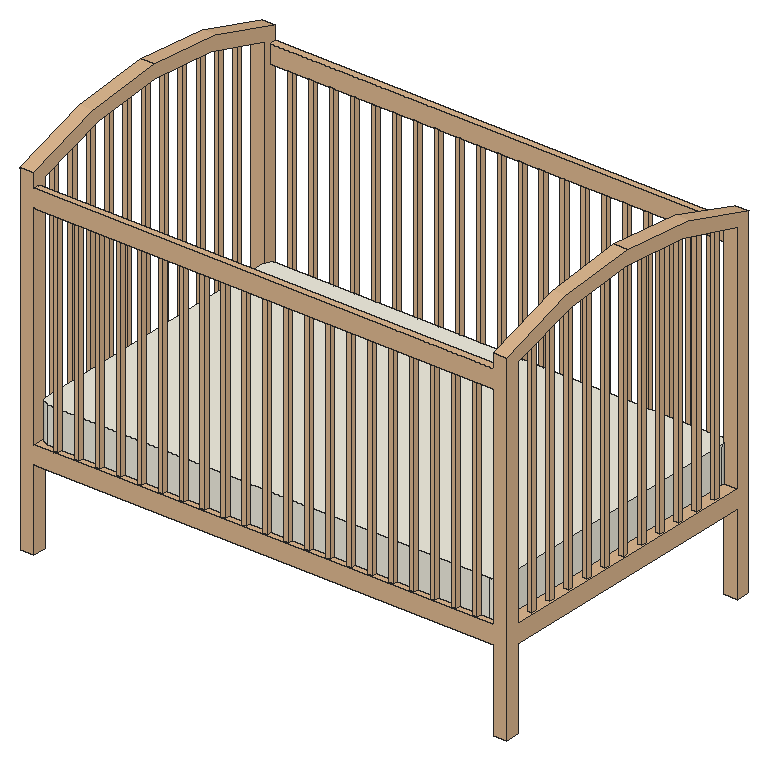
Revit family
Parameters
  Width = 54"
  Subcategory = "Bed"
  Spacing = 2"
  SmartBIM Object Version = 3  # constant formula
  SmartBIM Object Created By = "Reed Construction Data"  # constant formula
  Offset from Ground = 10"
  Mattress = Textile, White
  Manufacturer = ""
  Assembly Code = "E1020100"
  Array(Bars) = (Width - 12") / Spacing  # 21
  Height = 41 1/2"
  Depth = 33 1/2"
  Default Elevation = 0"
  Crib = Wood, Cherry
  Bar Height = Height - (7" + Offset from Ground + 1")  # 23 1/2"
  95 CSI = "12510"
  04 CSI = "12 58 29"
Reference planes (in)
  plane 1 "Center (Front/Back)": y = 0
  plane 2: z = 0
  plane 3 "Center (Left/Right)": x = 0
  plane 4: x = -27
  plane 5: y = 16.75
  plane 6: x = 27
  plane 7: y = -16.75
  plane 8: z = 41.5
  plane 9: x = -25.5
  plane 10: x = 25.5
  plane 11: y = 15.25
  plane 12: y = -15.25
  plane 13: z = 10
  plane 14: z = 34.5
  plane 15: z = 36.5
  plane 16: y = 16.5
  plane 17: y = 16
  plane 18: x = 23.5
  plane 19: x = -23.5
  plane 20: y = -16.5
  plane 21: y = -16
  plane 22: z = 38
  plane 23: y = 12.70833
  plane 24: y = 10.16667
  plane 25: y = 7.625
  plane 26: y = 5.08333
  plane 27: y = 2.54167
  plane 28: y = -12.70833
  plane 29: y = -10.16667
  plane 30: y = -7.625
  plane 31: y = -5.08333
  plane 32: y = -2.54167
  plane 33: x = -21
Forms (in)
  Extrusion 1, solid, material "Wood, Cherry" <- "Crib"
    sketch origin (-27, -180, 36.5) x (-1, 0, 0) y (0, -1, 0)
      loop
        line (0, -196.75) -> (0, -195.25) -> (-1.5, -195.25) -> (-1.5, -196.75) -> (0, -196.75)
      loop
        line (-54, -196.75) -> (-52.5, -196.75) -> (-52.5, -195.25) -> (-54, -195.25) -> (-54, -196.75)
      loop
        line (-54, -163.25) -> (-54, -164.75) -> (-52.5, -164.75) -> (-52.5, -163.25) -> (-54, -163.25)
      loop
        line (0, -163.25) -> (-1.5, -163.25) -> (-1.5, -164.75) -> (0, -164.75) -> (0, -163.25)
    from 1.5 to -36.5
  Extrusion 2, solid, material "Wood, Cherry" <- "Crib"
    sketch origin (-39.18034, -180, 10) x (-1, 0, 0) y (0, -1, 0)
      loop
        line (-12.18034, -196.75) -> (-12.18034, -163.25) -> (-66.18034, -163.25) -> (-66.18034, -196.75) -> (-12.18034, -196.75)
    from -1 to 1
  Extrusion 3, solid, material "Wood, Cherry" <- "Crib"
    sketch origin (0, -180, 34.5) x (-1, 0, 0) y (0, -1, 0)
      loop
        line (-25.5, -196.75) -> (25.5, -196.75) -> (25.5, -196) -> (-25.5, -196) -> (-25.5, -196.75)
    from 0 to 2
  Extrusion 4, solid, material "Wood, Cherry" <- "Crib"
    sketch origin (0, 180, 34.5) x (-1, 0, 0) y (0, -1, 0)
      loop
        line (25.5, 196.75) -> (-25.5, 196.75) -> (-25.5, 196) -> (25.5, 196) -> (25.5, 196.75)
    from 0 to 2
  Sweep 5, solid, material "Wood, Cherry" <- "Crib"
    path origin (-27, 0, 48) x (0, -1, 0) y (0, 0, 1)
      loop
        arc (-16.75, -10) -> (-8.55588, -7.38435) -> (0, -6.5) r 41.83036
        arc (0, -6.5) -> (8.55588, -7.38435) -> (16.75, -10) r 41.83036
    profile origin (-27, 8.55588, 40.61565) x (0, 0.204538, 0.978859) y (-1, 0, 0)
      loop
        line (0, 0) -> (-1.5, 0) -> (-1.5, -1.5) -> (0, -1.5) -> (0, 0)
  Sweep 6, solid, material "Wood, Cherry" <- "Crib"
    path origin (27, 0, 48) x (0, -1, 0) y (0, 0, 1)
      loop
        arc (16.75, -10) -> (8.55588, -7.38435) -> (0, -6.5) r 41.83036
        arc (0, -6.5) -> (-8.55588, -7.38435) -> (-16.75, -10) r 41.83036
    profile origin (27, -8.55588, 40.61565) x (0, -0.204538, 0.978859) y (1, 0, 0)
      loop
        line (0, 0) -> (-1.5, 0) -> (-1.5, -1.5) -> (0, -1.5) -> (0, 0)
  Extrusion 7, solid, material "Textile, White" <- "Mattress"
    sketch origin (-39.18034, -180, 11) x (-1, 0, 0) y (0, -1, 0)
      loop
        line (-13.68034, -195) -> (-13.68034, -165)
        arc (-13.68034, -165) -> (-13.97323, -164.29289) -> (-14.68034, -164) r 1
        line (-14.68034, -164) -> (-63.68034, -164)
        arc (-63.68034, -164) -> (-64.38745, -164.29289) -> (-64.68034, -165) r 1
        line (-64.68034, -165) -> (-64.68034, -195)
        arc (-64.68034, -195) -> (-64.38745, -195.70711) -> (-63.68034, -196) r 1
        line (-63.68034, -196) -> (-14.68034, -196)
        arc (-14.68034, -196) -> (-13.97323, -195.70711) -> (-13.68034, -195) r 1
    from 0 to 4
  Extrusion 8, solid, material "Wood, Cherry" <- "Crib"
    sketch origin (-27, 0, 48) x (0, -1, 0) y (0, 0, 1)
      loop
        line (0.25, -37) -> (0.25, -8.00077)
        arc (0.25, -8.00077) -> (0, -8) -> (-0.25, -8.00077) r 40.33036
        line (-0.25, -8.00077) -> (-0.25, -37) -> (0.25, -37)
      loop
        line (-12.95833, -37) -> (-12.45833, -37) -> (-12.45833, -9.97247)
        arc (-12.45833, -9.97247) -> (-12.7086, -10.05466) -> (-12.95833, -10.13848) r 40.33036
        line (-12.95833, -10.13848) -> (-12.95833, -37)
      loop
        line (-10.41667, -37) -> (-9.91667, -37) -> (-9.91667, -9.23819)
        arc (-9.91667, -9.23819) -> (-10.16688, -9.30252) -> (-10.41667, -9.36844) r 40.33036
        line (-10.41667, -9.36844) -> (-10.41667, -37)
      loop
        line (-7.875, -37) -> (-7.375, -37) -> (-7.375, -8.68005)
        arc (-7.375, -8.68005) -> (-7.62515, -8.72739) -> (-7.875, -8.77632) r 40.33036
        line (-7.875, -8.77632) -> (-7.875, -37)
      loop
        line (-5.33333, -37) -> (-4.83333, -37) -> (-4.83333, -8.29067)
        arc (-4.83333, -8.29067) -> (-5.08343, -8.32165) -> (-5.33333, -8.3542) r 40.33036
        line (-5.33333, -8.3542) -> (-5.33333, -37)
      loop
        line (-2.79167, -37) -> (-2.29167, -37) -> (-2.29167, -8.06516)
        arc (-2.29167, -8.06516) -> (-2.54172, -8.08017) -> (-2.79167, -8.09674) r 40.33036
        line (-2.79167, -8.09674) -> (-2.79167, -37)
      loop
        line (12.95833, -37) -> (12.95833, -10.13848)
        arc (12.95833, -10.13848) -> (12.7086, -10.05466) -> (12.45833, -9.97247) r 40.33036
        line (12.45833, -9.97247) -> (12.45833, -37) -> (12.95833, -37)
      loop
        line (10.41667, -37) -> (10.41667, -9.36844)
        arc (10.41667, -9.36844) -> (10.16688, -9.30252) -> (9.91667, -9.23819) r 40.33036
        line (9.91667, -9.23819) -> (9.91667, -37) -> (10.41667, -37)
      loop
        line (7.875, -37) -> (7.875, -8.77632)
        arc (7.875, -8.77632) -> (7.62515, -8.72739) -> (7.375, -8.68005) r 40.33036
        line (7.375, -8.68005) -> (7.375, -37) -> (7.875, -37)
      loop
        line (5.33333, -37) -> (5.33333, -8.3542)
        arc (5.33333, -8.3542) -> (5.08343, -8.32165) -> (4.83333, -8.29067) r 40.33036
        line (4.83333, -8.29067) -> (4.83333, -37) -> (5.33333, -37)
      loop
        line (2.79167, -37) -> (2.79167, -8.09674)
        arc (2.79167, -8.09674) -> (2.54172, -8.08017) -> (2.29167, -8.06516) r 40.33036
        line (2.29167, -8.06516) -> (2.29167, -37) -> (2.79167, -37)
    from -0.25 to -0.75
  Extrusion 9, solid, material "Wood, Cherry" <- "Crib"
    sketch origin (27, 0, 48) x (0, -1, 0) y (0, 0, -1)
      loop
        line (12.95833, 10.13848) -> (12.95833, 37) -> (12.45833, 37) -> (12.45833, 9.97247)
        arc (12.45833, 9.97247) -> (12.7086, 10.05466) -> (12.95833, 10.13848) r 40.33036
      loop
        line (10.41667, 9.36844) -> (10.41667, 37) -> (9.91667, 37) -> (9.91667, 9.23819)
        arc (9.91667, 9.23819) -> (10.16688, 9.30252) -> (10.41667, 9.36844) r 40.33036
      loop
        line (7.875, 8.77632) -> (7.875, 37) -> (7.375, 37) -> (7.375, 8.68005)
        arc (7.375, 8.68005) -> (7.62515, 8.72739) -> (7.875, 8.77632) r 40.33036
      loop
        line (5.33333, 8.3542) -> (5.33333, 37) -> (4.83333, 37) -> (4.83333, 8.29067)
        arc (4.83333, 8.29067) -> (5.08343, 8.32165) -> (5.33333, 8.3542) r 40.33036
      loop
        line (2.79167, 8.09674) -> (2.79167, 37) -> (2.29167, 37) -> (2.29167, 8.06516)
        arc (2.29167, 8.06516) -> (2.54172, 8.08017) -> (2.79167, 8.09674) r 40.33036
      loop
        line (0.25, 8.00077) -> (0.25, 37) -> (-0.25, 37) -> (-0.25, 8.00077)
        arc (-0.25, 8.00077) -> (0, 8) -> (0.25, 8.00077) r 40.33036
      loop
        line (-2.29167, 8.06516) -> (-2.29167, 37) -> (-2.79167, 37) -> (-2.79167, 8.09674)
        arc (-2.79167, 8.09674) -> (-2.54172, 8.08017) -> (-2.29167, 8.06516) r 40.33036
      loop
        line (-4.83333, 8.29067) -> (-4.83333, 37) -> (-5.33333, 37) -> (-5.33333, 8.3542)
        arc (-5.33333, 8.3542) -> (-5.08343, 8.32165) -> (-4.83333, 8.29067) r 40.33036
      loop
        line (-7.375, 8.68005) -> (-7.375, 37) -> (-7.875, 37) -> (-7.875, 8.77632)
        arc (-7.875, 8.77632) -> (-7.62515, 8.72739) -> (-7.375, 8.68005) r 40.33036
      loop
        line (-9.91667, 9.23819) -> (-9.91667, 37) -> (-10.41667, 37) -> (-10.41667, 9.36844)
        arc (-10.41667, 9.36844) -> (-10.16688, 9.30252) -> (-9.91667, 9.23819) r 40.33036
      loop
        line (-12.45833, 9.97247) -> (-12.45833, 37) -> (-12.95833, 37) -> (-12.95833, 10.13848)
        arc (-12.95833, 10.13848) -> (-12.7086, 10.05466) -> (-12.45833, 9.97247) r 40.33036
    from -0.25 to -0.75
Cuts and joins
  joined: Extrusion 1, Extrusion 2, Extrusion 3, Extrusion 4, Sweep 5, Sweep 6
Lines and regions (in)
  symbolic lines
    curve 1: line (27, 16.75, 0) -> (-27, 16.75, 0)
    curve 2: line (-27, -16.75, 0) -> (-27, 16.75, 0)
    curve 3: line (-27, -16.75, 0) -> (27, -16.75, 0)
    curve 4: line (27, -16.75, 0) -> (27, 16.75, 0)
    curve 5: line (25.5, 16.75, 0) -> (25.5, -16.75, 0)
    curve 6: line (25.5, -16, 0) -> (-25.5, -16, 0)
    curve 7: line (-25.5, -16.75, 0) -> (-25.5, 16.75, 0)
    curve 8: line (-25.5, 16, 0) -> (25.5, 16, 0)
Dimensions and locks (in)
  equal spacing: plane 4, plane 3 "Center (Left/Right)", plane 6
  "Width": plane 4 to plane 6
  equal spacing: plane 5, plane 1 "Center (Front/Back)", plane 7
  "Depth": plane 5 to plane 7
  "Height": plane 8 to plane 2
  locked: plane 4 to plane 9 at 1.5
  locked: plane 10 to plane 6 at 1.5
  locked: plane 5 to plane 11 at 1.5
  locked: plane 7 to plane 12 at 1.5
  "Offset from Ground": plane 13 to level
  locked: plane 8 to plane 14 at 7
  locked: plane 15 to plane 14 at 2
  locked: plane 5 to plane 16 at 0.25
  locked: plane 16 to plane 17 at 0.5
  locked: plane 9 to plane 19 at 2
  locked: plane 18 to plane 10 at 2
  locked: plane 20 to plane 21 at 0.5
  locked: plane 7 to plane 20 at 0.25
  Extrusion 1 to Extrusion 3 = 52 1/2"
  locked: plane 8 to plane 22 at 3.5
  locked: cut or joined group of Extrusion 1, Extrusion 2, Extrusion 3, Extrusion 4, Sweep 5, Sweep 6 to plane 13 at 1
  locked: plane 13 to cut or joined group of Extrusion 1, Extrusion 2, Extrusion 3, Extrusion 4, Sweep 5, Sweep 6 at 1
  equal spacing: group 1, group 3, group 4, group 5, group 6, group 7, group 8, group 9, group 10, group 11, group 12, group 13, group 14, group 15, group 16, group 17, group 18, group 19, group 20, group 21, group 2  (x3)
  equal spacing: group 22, group 24, group 25, group 26, group 27, group 28, group 29, group 30, group 31, group 32, group 33, group 34, group 35, group 36, group 37, group 38, group 39, group 40, group 41, group 42, group 23  (x3)
  equal spacing: plane 11, plane 23, plane 24, plane 25, plane 26, plane 27, plane 1 "Center (Front/Back)"
  equal spacing: plane 12, plane 28, plane 29, plane 30, plane 31, plane 32, plane 1 "Center (Front/Back)"
  Extrusion 8 sketch curve to plane 23 to Extrusion 8 sketch curve = 1/4" locked, 1/4" locked
  Extrusion 8 sketch curve to plane 24 to Extrusion 8 sketch curve = 1/4" locked, 1/4" locked
  Extrusion 8 sketch curve to plane 25 to Extrusion 8 sketch curve = 1/4" locked, 1/4" locked
  Extrusion 8 sketch curve to plane 26 to Extrusion 8 sketch curve = 1/4" locked, 1/4" locked
  Extrusion 8 sketch curve to plane 27 to Extrusion 8 sketch curve = 1/4" locked, 1/4" locked
  Extrusion 8 sketch curve to plane 1 "Center (Front/Back)" to Extrusion 8 sketch curve = 1/4" locked, 1/4" locked
  Extrusion 8 sketch curve to plane 28 to Extrusion 8 sketch curve = 1/4" locked, 1/4" locked
  Extrusion 8 sketch curve to plane 29 to Extrusion 8 sketch curve = 1/4" locked, 1/4" locked
  Extrusion 8 sketch curve to plane 30 to Extrusion 8 sketch curve = 1/4" locked, 1/4" locked
  Extrusion 8 sketch curve to plane 31 to Extrusion 8 sketch curve = 1/4" locked, 1/4" locked
  Extrusion 8 sketch curve to plane 32 to Extrusion 8 sketch curve = 1/4" locked, 1/4" locked
  locked: plane 4 to plane 33 at 6
  Extrusion 9 sketch curve to plane 28 to Extrusion 9 sketch curve = 1/4" locked, 1/4" locked
  Extrusion 9 sketch curve to plane 29 to Extrusion 9 sketch curve = 1/4" locked, 1/4" locked
  Extrusion 9 sketch curve to plane 30 to Extrusion 9 sketch curve = 1/4" locked, 1/4" locked
  Extrusion 9 sketch curve to plane 31 to Extrusion 9 sketch curve = 1/4" locked, 1/4" locked
  Extrusion 9 sketch curve to plane 32 to Extrusion 9 sketch curve = 1/4" locked, 1/4" locked
  Extrusion 9 sketch curve to plane 1 "Center (Front/Back)" to Extrusion 9 sketch curve = 1/4" locked, 1/4" locked
  Extrusion 9 sketch curve to plane 27 to Extrusion 9 sketch curve = 1/4" locked, 1/4" locked
  Extrusion 9 sketch curve to plane 26 to Extrusion 9 sketch curve = 1/4" locked, 1/4" locked
  Extrusion 9 sketch curve to plane 25 to Extrusion 9 sketch curve = 1/4" locked, 1/4" locked
  Extrusion 9 sketch curve to plane 24 to Extrusion 9 sketch curve = 1/4" locked, 1/4" locked
  Extrusion 9 sketch curve to plane 23 to Extrusion 9 sketch curve = 1/4" locked, 1/4" locked
  aligned and locked: plane 2 to level
  aligned and locked: plane 4 to Extrusion 1 sketch curve  (x2)
  aligned and locked: Extrusion 1 sketch curve to plane 5
  aligned and locked: plane 11 to Extrusion 1 sketch curve  (x2)
  aligned and locked: Extrusion 1 sketch curve to plane 9
  aligned and locked: plane 6 to Extrusion 1 sketch curve  (x2)
  aligned and locked: plane 5 to Extrusion 1 sketch curve
  aligned and locked: plane 10 to Extrusion 1 sketch curve
  aligned and locked: Extrusion 1 sketch curve to plane 7
  aligned and locked: plane 12 to Extrusion 1 sketch curve  (x2)
  aligned and locked: Extrusion 1 sketch curve to plane 10
  aligned and locked: plane 7 to Extrusion 1 sketch curve
  aligned and locked: plane 9 to Extrusion 1 sketch curve
  aligned and locked: Extrusion 1 to level
  aligned and locked: Extrusion 2 sketch curve to Extrusion 1  (x3)
  aligned and locked: Extrusion 1 to Extrusion 2 sketch curve
  aligned and locked: Extrusion 2 to Extrusion 3 sketch curve
  aligned and locked: Extrusion 3 sketch curve to plane 17
  aligned and locked: Extrusion 1 to Extrusion 3 sketch curve
  aligned and locked: Extrusion 3 sketch curve to Extrusion 1
  aligned and locked: plane 15 to Extrusion 3
  aligned and locked: Extrusion 3 to plane 14
  aligned and locked: Extrusion 4 sketch curve to Extrusion 1
  aligned and locked: plane 21 to Extrusion 4 sketch curve
  aligned and locked: Extrusion 2 to Extrusion 4 sketch curve
  aligned and locked: Extrusion 1 to Extrusion 4 sketch curve
  aligned and locked: plane 22 to Extrusion 1
  aligned and locked: Extrusion 1 to Sweep 5 sketch curve
  aligned and locked: profile plane to Sweep 5 sketch curve  (x2)
  aligned and locked: Sweep 5 sketch curve to plane 9
  aligned and locked: plane 8 to Sweep 5 sketch curve
  aligned and locked: Sweep 5 sketch curve to Extrusion 1
  aligned and locked: profile plane to Sweep 6 sketch curve  (x3)
  aligned and locked: Extrusion 1 to Sweep 6 sketch curve
  aligned and locked: plane 1 "Center (Front/Back)" to Sweep 6 sketch curve
  aligned and locked: plane 8 to Sweep 6 sketch curve
  aligned and locked: plane 10 to Sweep 6 sketch curve
  aligned and locked: Extrusion 7 sketch curve to plane 9
  aligned and locked: cut or joined group of Extrusion 1, Extrusion 2, Extrusion 3, Extrusion 4, Sweep 5, Sweep 6 to Extrusion 7 sketch curve  (x3)
  aligned and locked: Extrusion 7 to cut or joined group of Extrusion 1, Extrusion 2, Extrusion 3, Extrusion 4, Sweep 5, Sweep 6
  aligned and locked: nested 1 to plane 19
  aligned and locked: plane 16 to nested 1
  aligned and locked: nested 1 to cut or joined group of Extrusion 1, Extrusion 2, Extrusion 3, Extrusion 4, Sweep 5, Sweep 6
  aligned and locked: plane 18 to nested 2
  aligned and locked: nested 2 to cut or joined group of Extrusion 1, Extrusion 2, Extrusion 3, Extrusion 4, Sweep 5, Sweep 6
  aligned and locked: plane 16 to nested 2
  aligned and locked: nested 22 to plane 19
  aligned and locked: plane 20 to nested 22
  aligned and locked: nested 22 to cut or joined group of Extrusion 1, Extrusion 2, Extrusion 3, Extrusion 4, Sweep 5, Sweep 6
  aligned and locked: plane 18 to nested 23
  aligned and locked: nested 23 to cut or joined group of Extrusion 1, Extrusion 2, Extrusion 3, Extrusion 4, Sweep 5, Sweep 6
  aligned and locked: plane 20 to nested 23
  aligned and locked: Extrusion 8 sketch curve to cut or joined group of Extrusion 1, Extrusion 2, Extrusion 3, Extrusion 4, Sweep 5, Sweep 6  (x16)
  aligned and locked: Extrusion 9 sketch curve to cut or joined group of Extrusion 1, Extrusion 2, Extrusion 3, Extrusion 4, Sweep 5, Sweep 6  (x11)
  aligned and locked: cut or joined group of Extrusion 1, Extrusion 2, Extrusion 3, Extrusion 4, Sweep 5, Sweep 6 to Extrusion 9 sketch curve  (x11)
  aligned and locked: curve 1 to cut or joined group of Extrusion 1, Extrusion 2, Extrusion 3, Extrusion 4, Sweep 5, Sweep 6
  aligned and locked: curve 2 to cut or joined group of Extrusion 1, Extrusion 2, Extrusion 3, Extrusion 4, Sweep 5, Sweep 6
  aligned and locked: curve 3 to cut or joined group of Extrusion 1, Extrusion 2, Extrusion 3, Extrusion 4, Sweep 5, Sweep 6
  aligned and locked: curve 4 to cut or joined group of Extrusion 1, Extrusion 2, Extrusion 3, Extrusion 4, Sweep 5, Sweep 6
  aligned and locked: curve 5 to cut or joined group of Extrusion 1, Extrusion 2, Extrusion 3, Extrusion 4, Sweep 5, Sweep 6
  aligned and locked: curve 6 to cut or joined group of Extrusion 1, Extrusion 2, Extrusion 3, Extrusion 4, Sweep 5, Sweep 6
  aligned and locked: curve 7 to cut or joined group of Extrusion 1, Extrusion 2, Extrusion 3, Extrusion 4, Sweep 5, Sweep 6
  aligned and locked: curve 8 to cut or joined group of Extrusion 1, Extrusion 2, Extrusion 3, Extrusion 4, Sweep 5, Sweep 6
Automatic sketch dimensions
  Sweep 5 sketch curve to Sweep 5 sketch curve = 0"  (x2)
  Sweep 5 sketch curve to plane 1 "Center (Front/Back)" = 0"
  Sweep 5 sketch curve to plane 22 = 0"
  Sweep 5 sketch curve to Sweep 5 sketch curve = 1 1/2"
  Sweep 6 sketch curve to Sweep 6 sketch curve = 0"
  Sweep 6 sketch curve to plane 5 = 0"
  Sweep 6 sketch curve to plane 22 = 0"
  Sweep 6 sketch curve to Sweep 6 sketch curve = 1 1/2"
  Extrusion 7 sketch curve to Extrusion 7 sketch curve = 1"  (x4)
  plane 13 to Extrusion 8 sketch curve = 1"  (x6)
  curve 1 to plane 4 = 0"
  curve 1 to plane 5 = 0"
  curve 2 to plane 7 = 0"
  curve 3 to plane 6 = 0"
  curve 5 to plane 10 = 0"
  curve 6 to plane 9 = 0"
  curve 6 to plane 21 = 0"
  curve 8 to plane 17 = 0"
Nested families (in)
  nested 1: "Bar" at (-23.25, 16.25, 11), type "Bar"
    with Height 23 1/2"
  nested 2: "Bar" at (23.25, 16.25, 11), type "Bar"
    with Height 23 1/2"
  nested 3: "Bar" at (-20.925, 16.25, 11), type "Bar"
    with Height 23 1/2"
  nested 4: "Bar" at (-18.6, 16.25, 11), type "Bar"
    with Height 23 1/2"
  nested 5: "Bar" at (-16.275, 16.25, 11), type "Bar"
    with Height 23 1/2"
  nested 6: "Bar" at (-13.95, 16.25, 11), type "Bar"
    with Height 23 1/2"
  nested 7: "Bar" at (-11.625, 16.25, 11), type "Bar"
    with Height 23 1/2"
  nested 8: "Bar" at (-9.3, 16.25, 11), type "Bar"
    with Height 23 1/2"
  nested 9: "Bar" at (-6.975, 16.25, 11), type "Bar"
    with Height 23 1/2"
  nested 10: "Bar" at (-4.65, 16.25, 11), type "Bar"
    with Height 23 1/2"
  nested 11: "Bar" at (-2.325, 16.25, 11), type "Bar"
    with Height 23 1/2"
  nested 12: "Bar" at (0, 16.25, 11), type "Bar"
    with Height 23 1/2"
  nested 13: "Bar" at (2.325, 16.25, 11), type "Bar"
    with Height 23 1/2"
  nested 14: "Bar" at (4.65, 16.25, 11), type "Bar"
    with Height 23 1/2"
  nested 15: "Bar" at (6.975, 16.25, 11), type "Bar"
    with Height 23 1/2"
  nested 16: "Bar" at (9.3, 16.25, 11), type "Bar"
    with Height 23 1/2"
  nested 17: "Bar" at (11.625, 16.25, 11), type "Bar"
    with Height 23 1/2"
  nested 18: "Bar" at (13.95, 16.25, 11), type "Bar"
    with Height 23 1/2"
  nested 19: "Bar" at (16.275, 16.25, 11), type "Bar"
    with Height 23 1/2"
  nested 20: "Bar" at (18.6, 16.25, 11), type "Bar"
    with Height 23 1/2"
  nested 21: "Bar" at (20.925, 16.25, 11), type "Bar"
    with Height 23 1/2"
  nested 22: "Bar" at (-23.25, -16.25, 11), type "Bar"
    with Height 23 1/2"
  nested 23: "Bar" at (23.25, -16.25, 11), type "Bar"
    with Height 23 1/2"
  nested 24: "Bar" at (-20.925, -16.25, 11), type "Bar"
    with Height 23 1/2"
  nested 25: "Bar" at (-18.6, -16.25, 11), type "Bar"
    with Height 23 1/2"
  nested 26: "Bar" at (-16.275, -16.25, 11), type "Bar"
    with Height 23 1/2"
  nested 27: "Bar" at (-13.95, -16.25, 11), type "Bar"
    with Height 23 1/2"
  nested 28: "Bar" at (-11.625, -16.25, 11), type "Bar"
    with Height 23 1/2"
  nested 29: "Bar" at (-9.3, -16.25, 11), type "Bar"
    with Height 23 1/2"
  nested 30: "Bar" at (-6.975, -16.25, 11), type "Bar"
    with Height 23 1/2"
  nested 31: "Bar" at (-4.65, -16.25, 11), type "Bar"
    with Height 23 1/2"
  nested 32: "Bar" at (-2.325, -16.25, 11), type "Bar"
    with Height 23 1/2"
  nested 33: "Bar" at (0, -16.25, 11), type "Bar"
    with Height 23 1/2"
  nested 34: "Bar" at (2.325, -16.25, 11), type "Bar"
    with Height 23 1/2"
  nested 35: "Bar" at (4.65, -16.25, 11), type "Bar"
    with Height 23 1/2"
  nested 36: "Bar" at (6.975, -16.25, 11), type "Bar"
    with Height 23 1/2"
  nested 37: "Bar" at (9.3, -16.25, 11), type "Bar"
    with Height 23 1/2"
  nested 38: "Bar" at (11.625, -16.25, 11), type "Bar"
    with Height 23 1/2"
  nested 39: "Bar" at (13.95, -16.25, 11), type "Bar"
    with Height 23 1/2"
  nested 40: "Bar" at (16.275, -16.25, 11), type "Bar"
    with Height 23 1/2"
  nested 41: "Bar" at (18.6, -16.25, 11), type "Bar"
    with Height 23 1/2"
  nested 42: "Bar" at (20.925, -16.25, 11), type "Bar"
    with Height 23 1/2"
Definition of nested family "Bar"
  Parameters
    Width = 1/2"
    Height = 36"
    Depth = 1/2"
    Bar = none
  Reference planes (in)
    plane 1 "Center (Front/Back)": y = 0
    plane 2: z = 0
    plane 3 "Center (Left/Right)": x = 0
    plane 4: x = -0.25
    plane 5: y = 0.25
    plane 6: x = 0.25
    plane 7: y = -0.25
    plane 8: z = 36
  Forms (in)
    Extrusion 1, solid, material <- "Bar"
      sketch origin (0, 0, 0) x (1, 0, 0) y (0, 1, 0)
        loop
          line (-0.25, 0.25) -> (-0.25, -0.25) -> (0.25, -0.25) -> (0.25, 0.25) -> (-0.25, 0.25)
      from 0 to 36
  Dimensions and locks (in)
    equal spacing: plane 4, plane 3 "Center (Left/Right)", plane 6
    "Width": plane 4 to plane 6
    equal spacing: plane 5, plane 1 "Center (Front/Back)", plane 7
    "Depth": plane 5 to plane 7
    "Height": plane 8 to plane 2
    aligned and locked: plane 2 to level
    aligned and locked: plane 4 to Extrusion 1 sketch curve
    aligned and locked: Extrusion 1 sketch curve to plane 5
    aligned and locked: plane 7 to Extrusion 1 sketch curve
    aligned and locked: Extrusion 1 sketch curve to plane 6
    aligned and locked: plane 8 to Extrusion 1
    aligned and locked: Extrusion 1 to level
